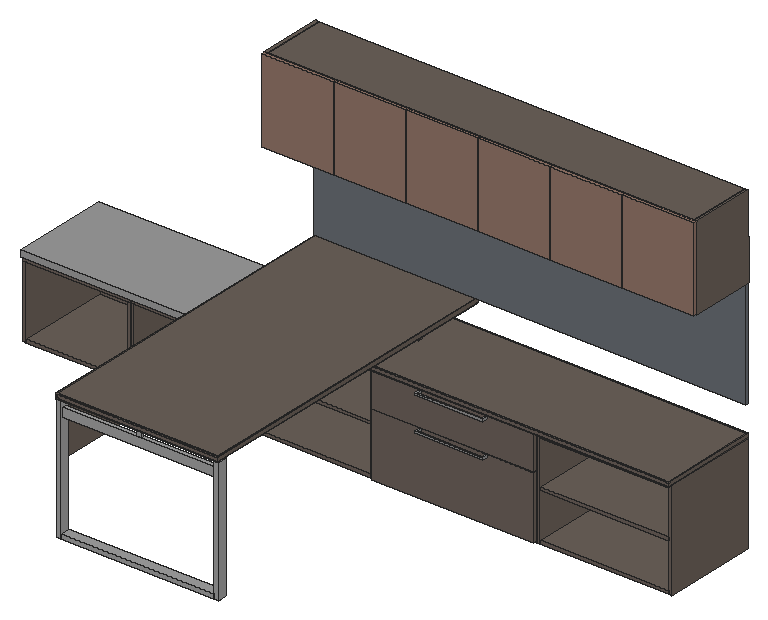
Revit family "T100315", category Furniture, Revit 2015 (continued)
Definition of nested family "STAKS SUPPORT O LEG"
  Dimensions and locks (in)
    aligned and locked: plane 11 to Extrusion 4
    aligned and locked: plane 16 to Extrusion 2
    aligned and locked: plane 16 to Extrusion 3
    aligned and locked: Revolve 5 sketch curve to plane 17
    aligned and locked: Revolve 5 sketch curve to plane 16
    aligned and locked: Extrusion 7 to plane 9
    aligned and locked: plane 12 to Extrusion 7
    aligned and locked: Extrusion 8 to plane 20
    aligned and locked: plane 19 to Extrusion 8
    aligned and locked: plane 11 to Extrusion 9
    aligned and locked: Extrusion 9 to plane 10
    aligned and locked: Extrusion 10 to plane 10
    aligned and locked: plane 11 to Extrusion 10
  Automatic sketch dimensions
    Extrusion 1 sketch curve to plane 5 = 0"  (x2)
    plane 10 to Extrusion 1 sketch curve = 0.1545"
    Extrusion 1 sketch curve to plane 11 = 0.1545"
    Masking region 1 sketch curve to plane 5 = 0"  (x2)
    plane 8 to Masking region 1 sketch curve = 0"
    Masking region 1 sketch curve to plane 6 = 0"
    plane 7 to Masking region 1 sketch curve = 0"
    Masking region 1 sketch curve to plane 3 "Center (Left/Right)" = 0"
    plane 10 to Masking region 1 sketch curve = 0.1545"
    Masking region 1 sketch curve to plane 11 = 0.1545"
    Masking region 2 sketch curve to plane 5 = 0"
    plane 8 to Masking region 2 sketch curve = 0"
    Masking region 2 sketch curve to plane 3 "Center (Left/Right)" = 0"
    plane 10 to Masking region 2 sketch curve = 0"
    Masking region 3 sketch curve to plane 5 = 0"
    plane 11 to Masking region 3 sketch curve = 0"
    Masking region 3 sketch curve to plane 3 "Center (Left/Right)" = 0"
    plane 7 to Masking region 3 sketch curve = 0"
    plane 3 "Center (Left/Right)" to Extrusion 4 sketch curve = 0.186"
    plane 14 "CENTER" to Extrusion 4 sketch curve = 0.186"
    Revolve 5 sketch curve to level = 0"  (x2)
    Revolve 5 sketch curve to plane 7 = 1/4"
    Revolve 5 sketch curve to plane 17 = 0"
    plane 16 to Revolve 5 sketch curve = 0"
    Revolve 6 sketch curve to level = 0"  (x2)
    plane 16 to Revolve 6 sketch curve = 0"  (x2)
    Revolve 6 sketch curve to plane 18 = 0"  (x2)
    Revolve 6 sketch curve to plane 8 = 1/4"
    Extrusion 7 sketch curve to plane 14 "CENTER" = 0.1565"
    Extrusion 7 sketch curve to plane 2 "Center (Front/Back)" = 0.59"
    Extrusion 7 sketch curve to plane 14 "CENTER" = 0.4715"
    plane 2 "Center (Front/Back)" to Extrusion 7 sketch curve = 0.59"
    Extrusion 8 sketch curve to plane 9 = 0"  (x2)
    Extrusion 8 sketch curve to plane 5 = 0"
    plane 5 to Extrusion 8 sketch curve = 0.28954"
    Extrusion 8 sketch curve to plane 12 = 0.64467"
    plane 14 "CENTER" to Extrusion 8 sketch curve = 3/8"
    plane 5 to Extrusion 8 sketch curve = 0.05201"
    Extrusion 8 sketch curve to Extrusion 8 sketch curve = 11/128"
    Extrusion 8 sketch curve to Extrusion 8 sketch curve = 0.08587"
    Extrusion 8 sketch curve to Extrusion 8 sketch curve = 0.64597"
    plane 9 to Extrusion 8 sketch curve = 0.08"
    Extrusion 8 sketch curve to Extrusion 8 sketch curve = 0.05201"
    Extrusion 8 sketch curve to plane 6 = 5/8"
    Extrusion 8 sketch curve to Extrusion 8 sketch curve = 0.00005"
    Extrusion 8 sketch curve to Extrusion 8 sketch curve = 0.00009"
    Extrusion 8 sketch curve to Extrusion 8 sketch curve = 0.03439"
    Extrusion 8 sketch curve to Extrusion 8 sketch curve = 0.08"
    Extrusion 9 sketch curve to plane 3 "Center (Left/Right)" = 0"
    Extrusion 9 sketch curve to plane 16 = 0"
    Extrusion 9 sketch curve to plane 5 = 0"
    Extrusion 9 sketch curve to Extrusion 9 sketch curve = 1"
    Extrusion 10 sketch curve to plane 13 = 0"
    Extrusion 10 sketch curve to plane 14 "CENTER" = 0"
    plane 3 "Center (Left/Right)" to Extrusion 10 sketch curve = 1/4"
    Extrusion 10 sketch curve to plane 16 = 1"
Definition of nested family "OFS ELEMENT OPEN L DESK LEFT AND RIGHT 84in Width 60in Return"
  Parameters (values of type "ELEMENT OPEN L DESK RIGHT RETURN 84in Width 60in Return")
    Worksurface Material = none
    Width = 84"
    URL = "http://www.ofsbrands.com/"
    Transaction Shelf Material = none
    Table Supp from Lateral = 2 5/8"
    Table Supp from Center = 11 1/8"
    Table Depth = 13 1/2"
    Right Return Desk Option = no
    Right Desk Ovelay [instance] = and(Right Return Desk Option, Desk Overlay Option)  # no
    Return Worksurface Width = 22"
    Paper Organizer Material = none
    Paper Organizer Depth = 12 3/4"
    Paper Organizer Clearance = 4 5/8"
    Paper Organizer Board Thickness = 3/4"
    Model = "EL-T84RL60C"
    Manufacturer = "OFS"
    Left Return Desk Option = yes
    Left Desk Overlay [instance] = and(Left Return Desk Option, Desk Overlay Option)  # yes
    Lateral Board Thickness = 1 3/16"
    Height = 45"
    Standoffs Material = none
    Groomet Material = none
    Desk Overlay Thickness = 1/8"
    Desk Overlay Option [instance] = yes
    Desk Overlay Material = none
    Desk Overlay = 6 1/2"
    Description = "OFS BRANDS OFS ELEMENT OPEN L DESK RIGHT RETURN 84\" Width, 84\"W x 34.3125\"D DESK, 60\"W x 22\"D RETURN With Paper Organizer"
    Desk Depth = 34 5/16"
    Depth = 94 5/16"
    Copyright © = "© 2018 OFS BRANDS"
    Catalog = "http://ofs.com/products/casegoods/reception/element"
    Bottom Board Offset = 0"
    Chassis Material = none
    Base Depth = 30"
    Back Board Thickness = 1 3/16"
    Authoring Version = "Autodesk Revit Architecture 2013"
    Assembly Code = "E2020200"
  Types (3): name | Model | Left Return Desk Option | Left Desk Overlay | Description
    (no name) | "EL-T84RL60C" | yes | yes | "OFS BRANDS OFS ELEMENT OPEN L DESK RIGHT RETURN 84\" Width, 84\"W x 34.3125\"D DESK, 60\"W x 22\"D RETURN With Paper Organizer"
    ELEMENT OPEN L DESK LEFT RETURN 84in Width 60in Return | "EL-T84LL60C" | no | no | "OFS BRANDS OFS ELEMENT OPEN L DESK LEFT RETURN 84\" Width, 84\"W x 34.3125\"D DESK, 60\"W x 22\"D RETURN With Paper Organizer"
    ELEMENT OPEN L DESK RIGHT RETURN 84in Width 60in Return | "EL-T84RL60C" | yes | yes | "OFS BRANDS OFS ELEMENT OPEN L DESK RIGHT RETURN 84\" Width, 84\"W x 34.3125\"D DESK, 60\"W x 22\"D RETURN With Paper Organizer"
  Reference planes (in)
    plane 1 "Center Front/Back": y = 0
    plane 2: z = 0
    plane 3 "Center Left/Right": x = 0
    plane 4 "Back External": y = 17.15625
    plane 5 "Right External": x = 42
    plane 6 "Front External": y = -17.15625
    plane 7 "Left External": x = -42
    plane 8 "Seat Height": z = 29.5
    plane 9 "Height": z = 45
    plane 10: x = 40.8125
    plane 11: x = -40.8125
    plane 12: y = 12.84375
    plane 13: y = 11.65625
    plane 14: y = 3.65625
    plane 15: z = 40.5
    plane 16: z = 28.5
    plane 17: z = 43.875
    plane 18: z = 39.375
    plane 19: z = 0
    plane 20: x = 39.375
    plane 21: x = 2.625
    plane 22: x = 35.5
    plane 23: z = 6.5
    plane 24: z = 34
    plane 25: y = 12.96875
    plane 26: y = -77.15625
    plane 27: x = -20
    plane 28: x = 20
    plane 29: y = -75.96875
    plane 30: x = -37
    plane 31: x = 37
    plane 32: y = -47.15625
    plane 33: x = 6.5
    plane 34: y = -18.34375
    plane 35: y = -75.21875
    plane 36: x = -40.0625
    plane 37: y = -19.09375
    plane 38: x = -28.0625
    plane 39: z = 34.125
    plane 40: z = 39.75
    plane 41: z = 34.875
    plane 42: y = -61.5625
    plane 43: y = -32.75
    plane 44: x = -28.8125
    plane 45: x = 20
    plane 46: x = 37
    plane 47: y = -19.09375
    plane 48: x = 28.0625
    plane 49: y = -61.5625
    plane 50: y = -32.75
    plane 51: x = 28.8125
    plane 52: x = -39.375
    plane 53: x = -2.625
    plane 54: x = -35.5
    plane 55: x = -6.5
  Forms (in)
    Extrusion 1, solid, material <- "Chassis Material", visible <- "Left Return Desk Option"
      sketch origin (0, 0, 0) x (1, 0, 0) y (0, 1, 0)
        loop
          line (42, 12.84375) -> (0, 12.84375) -> (0, 11.65625) -> (40.8125, 11.65625) -> (40.8125, -17.15625) -> (42, -17.15625) -> (42, 12.84375)
      from 0 to 40.5
    Extrusion 2, solid, material <- "Chassis Material", visible <- "Left Return Desk Option"
      sketch origin (0, 0, 6) x (1, 0, 0) y (0, 1, 0)
        loop
          line (0, 11.65625) -> (0, 3.65625) -> (40.8125, 3.65625) -> (40.8125, 11.65625) -> (0, 11.65625)
      from 33.375 to 34.5
    Extrusion 3, solid, material <- "Transaction Shelf Material", visible <- "Left Return Desk Option"
      sketch origin (0, 0, 6) x (1, 0, 0) y (0, 1, 0)
        loop
          line (0, 17.15625) -> (0, 3.65625) -> (42, 3.65625) -> (42, 17.15625) -> (0, 17.15625)
      from 37.875 to 39
    Extrusion 4, solid, material <- "Standoffs Material", visible <- "Left Return Desk Option"
      sketch origin (44.5, 0, 0) x (1, 0, 0) y (0, 1, 0)
        loop
          circle (-41.875, 10.04085) r 0.625
      from 40.5 to 43.875
    Extrusion 5, solid, material <- "Standoffs Material", visible <- "Left Return Desk Option"
      sketch origin (44.5, -4.75, 0) x (1, 0, 0) y (0, 1, 0)
        loop
          circle (-41.875, 10.04085) r 0.625
      from 40.5 to 43.875
    Extrusion 6, solid, material <- "Standoffs Material", visible <- "Left Return Desk Option"
      sketch origin (66.75, 0, 0) x (1, 0, 0) y (0, 1, 0)
        loop
          circle (-27.375, 10.04085) r 0.625
      from 40.5 to 43.875
    Extrusion 7, solid, material <- "Standoffs Material", visible <- "Left Return Desk Option"
      sketch origin (66.75, -4.75, 0) x (1, 0, 0) y (0, 1, 0)
        loop
          circle (-27.375, 10.04085) r 0.625
      from 40.5 to 43.875
    Extrusion 8, solid, material <- "Chassis Material", visible <- "Left Return Desk Option"
      sketch origin (0, 0, 0) x (1, 0, 0) y (0, 1, 0)
        loop
          line (-42, -17.15625) -> (-42, -77.15625) -> (-20, -77.15625) -> (-20, -75.96875) -> (-40.8125, -75.96875) -> (-40.8125, -18.34375) -> (-20, -18.34375) -> (-20, -17.15625) -> (-42, -17.15625)
      from 0 to 40.5
    Extrusion 9, solid, material <- "Worksurface Material", visible <- "Left Return Desk Option"
      sketch origin (14.83926, -32.43958, 0) x (1, 0, 0) y (0, 1, 0)
        loop
          line (-55.65176, 14.09583) -> (-55.65176, -43.52917) -> (-34.83926, -43.52917) -> (-34.83926, 14.09583) -> (-55.65176, 14.09583)
      from 28.5 to 29.5
    Extrusion 10, solid, material <- "Desk Overlay Material", visible <- "Left Desk Overlay"
      sketch origin (0, 0, 0) x (1, 0, 0) y (0, 0, 1)
        loop
          line (35.5, 34) -> (6.5, 34) -> (6.5, 6.5) -> (35.5, 6.5) -> (35.5, 34)
      from -12.96875 to -12.84375
    Extrusion 11, solid, material <- "Chassis Material", visible <- "Left Return Desk Option"
      sketch origin (-18.5848, -3.95032, 0) x (1, 0, 0) y (0, 1, 0)
        loop
          line (19.7723, 15.60657) -> (18.5848, 15.60657) -> (18.5848, 3.95032) -> (19.7723, 3.95032) -> (19.7723, 15.60657)
      from 0 to 28.5
    Extrusion 12, solid, material <- "Paper Organizer Material", visible <- "Left Return Desk Option"
      sketch origin (0, 0, 0) x (1, 0, 0) y (0, 1, 0)
        loop
          line (-28.0625, -19.09375) -> (-28.0625, -18.34375) -> (-40.8125, -18.34375) -> (-40.8125, -75.96875) -> (-28.0625, -75.96875) -> (-28.0625, -75.21875) -> (-40.0625, -75.21875) -> (-40.0625, -19.09375) -> (-28.0625, -19.09375)
      from 34.125 to 40.5
    Extrusion 13, solid, material <- "Paper Organizer Material", visible <- "Left Return Desk Option"
      sketch origin (0, 0, 0) x (1, 0, 0) y (0, 1, 0)
        loop
          line (-40.8125, -18.34375) -> (-40.8125, -75.96875) -> (-28.0625, -75.96875) -> (-28.0625, -18.34375) -> (-40.8125, -18.34375)
      from 39.75 to 40.5
    Extrusion 14, solid, material <- "Paper Organizer Material", visible <- "Left Return Desk Option"
      sketch origin (0, 0, 0) x (1, 0, 0) y (0, 1, 0)
        loop
          line (-40.8125, -18.34375) -> (-40.8125, -75.96875) -> (-28.0625, -75.96875) -> (-28.0625, -18.34375) -> (-40.8125, -18.34375)
      from 34.125 to 34.875
    Extrusion 15, solid, material <- "Paper Organizer Material", visible <- "Left Return Desk Option"
      sketch origin (0, 0, 0) x (1, 0, 0) y (0, 1, 0)
        loop
          line (-40.0625, -32.625) -> (-40.0625, -32.875) -> (-28.8125, -32.875) -> (-28.8125, -32.625) -> (-40.0625, -32.625)
      from 34.875 to 39.75
    Extrusion 16, solid, material <- "Paper Organizer Material", visible <- "Left Return Desk Option"
      sketch origin (0, -11.40625, 0) x (1, 0, 0) y (0, 1, 0)
        loop
          line (-40.0625, -35.625) -> (-40.0625, -35.875) -> (-28.8125, -35.875) -> (-28.8125, -35.625) -> (-40.0625, -35.625)
      from 34.875 to 39.75
    Extrusion 17, solid, material <- "Paper Organizer Material", visible <- "Left Return Desk Option"
      sketch origin (0, -22.8125, 0) x (1, 0, 0) y (0, 1, 0)
        loop
          line (-40.0625, -38.625) -> (-40.0625, -38.875) -> (-28.8125, -38.875) -> (-28.8125, -38.625) -> (-40.0625, -38.625)
      from 34.875 to 39.75
    Extrusion 18, solid, material <- "Chassis Material", visible <- "Right Return Desk Option"
      sketch origin (0, 0, 0) x (-1, 0, 0) y (0, -1, 0)
        loop
          line (-42, 17.15625) -> (-20, 17.15625) -> (-20, 18.34375) -> (-40.8125, 18.34375) -> (-40.8125, 75.96875) -> (-20, 75.96875) -> (-20, 77.15625) -> (-42, 77.15625) -> (-42, 17.15625)
      from 0 to 40.5
    Extrusion 19, solid, material <- "Worksurface Material", visible <- "Right Return Desk Option"
      sketch origin (-14.83926, -32.43958, 0) x (-1, 0, 0) y (0, -1, 0)
        loop
          line (-55.65176, -14.09583) -> (-34.83926, -14.09583) -> (-34.83926, 43.52917) -> (-55.65176, 43.52917) -> (-55.65176, -14.09583)
      from 28.5 to 29.5
    Extrusion 20, solid, material <- "Paper Organizer Material", visible <- "Right Return Desk Option"
      sketch origin (0, 0, 0) x (-1, 0, 0) y (0, -1, 0)
        loop
          line (-28.0625, 19.09375) -> (-40.0625, 19.09375) -> (-40.0625, 75.21875) -> (-28.0625, 75.21875) -> (-28.0625, 75.96875) -> (-40.8125, 75.96875) -> (-40.8125, 18.34375) -> (-28.0625, 18.34375) -> (-28.0625, 19.09375)
      from 34.125 to 40.5
    Extrusion 21, solid, material <- "Paper Organizer Material", visible <- "Right Return Desk Option"
      sketch origin (0, 0, 0) x (-1, 0, 0) y (0, -1, 0)
        loop
          line (-40.8125, 18.34375) -> (-28.0625, 18.34375) -> (-28.0625, 75.96875) -> (-40.8125, 75.96875) -> (-40.8125, 18.34375)
      from 39.75 to 40.5
    Extrusion 22, solid, material <- "Paper Organizer Material", visible <- "Right Return Desk Option"
      sketch origin (0, 0, 0) x (-1, 0, 0) y (0, -1, 0)
        loop
          line (-40.8125, 18.34375) -> (-28.0625, 18.34375) -> (-28.0625, 75.96875) -> (-40.8125, 75.96875) -> (-40.8125, 18.34375)
      from 34.125 to 34.875
    Extrusion 23, solid, material <- "Paper Organizer Material", visible <- "Right Return Desk Option"
      sketch origin (0, 0, 0) x (-1, 0, 0) y (0, -1, 0)
        loop
          line (-40.0625, 32.625) -> (-28.8125, 32.625) -> (-28.8125, 32.875) -> (-40.0625, 32.875) -> (-40.0625, 32.625)
      from 34.875 to 39.75
    Extrusion 24, solid, material <- "Paper Organizer Material", visible <- "Right Return Desk Option"
      sketch origin (0, -11.40625, 0) x (-1, 0, 0) y (0, -1, 0)
        loop
          line (-40.0625, 35.625) -> (-28.8125, 35.625) -> (-28.8125, 35.875) -> (-40.0625, 35.875) -> (-40.0625, 35.625)
      from 34.875 to 39.75
    Extrusion 25, solid, material <- "Paper Organizer Material", visible <- "Right Return Desk Option"
      sketch origin (0, -22.8125, 0) x (-1, 0, 0) y (0, -1, 0)
        loop
          line (-40.0625, 38.625) -> (-28.8125, 38.625) -> (-28.8125, 38.875) -> (-40.0625, 38.875) -> (-40.0625, 38.625)
      from 34.875 to 39.75
    Extrusion 26, solid, material <- "Worksurface Material", visible <- "Right Return Desk Option"
      sketch origin (0, 0, 0) x (-1, 0, 0) y (0, -1, 0)
        loop
          line (-36, -11.65625) -> (40.8125, -11.65625) -> (40.8125, 17.15625) -> (-42, 17.15625) -> (-42, -5.65625)
          arc (-42, -5.65625) -> (-40.24264, -9.89889) -> (-36, -11.65625) r 6
      from 28.5 to 29.5
    Extrusion 27, solid, material <- "Chassis Material", visible <- "Right Return Desk Option"
      sketch origin (0, 0, 0) x (-1, 0, 0) y (0, -1, 0)
        loop
          line (42, -12.84375) -> (42, 17.15625) -> (40.8125, 17.15625) -> (40.8125, -11.65625) -> (0, -11.65625) -> (0, -12.84375) -> (42, -12.84375)
      from 0 to 40.5
    Extrusion 28, solid, material <- "Transaction Shelf Material", visible <- "Right Return Desk Option"
      sketch origin (0, 0, 6) x (-1, 0, 0) y (0, -1, 0)
        loop
          line (0, -17.15625) -> (42, -17.15625) -> (42, -3.65625) -> (0, -3.65625) -> (0, -17.15625)
      from 37.875 to 39
    Extrusion 29, solid, material <- "Standoffs Material", visible <- "Right Return Desk Option"
      sketch origin (-44.5, 0, 0) x (-1, 0, 0) y (0, -1, 0)
        loop
          circle (-41.875, -10.04085) r 0.625
      from 40.5 to 43.875
    Extrusion 30, solid, material <- "Standoffs Material", visible <- "Right Return Desk Option"
      sketch origin (-44.5, -4.75, 0) x (-1, 0, 0) y (0, -1, 0)
        loop
          circle (-41.875, -10.04085) r 0.625
      from 40.5 to 43.875
    Extrusion 31, solid, material <- "Standoffs Material", visible <- "Right Return Desk Option"
      sketch origin (-66.75, 0, 0) x (-1, 0, 0) y (0, -1, 0)
        loop
          circle (-27.375, -10.04085) r 0.625
      from 40.5 to 43.875
    Extrusion 32, solid, material <- "Standoffs Material", visible <- "Right Return Desk Option"
      sketch origin (-66.75, -4.75, 0) x (-1, 0, 0) y (0, -1, 0)
        loop
          circle (-27.375, -10.04085) r 0.625
      from 40.5 to 43.875
    Extrusion 33, solid, material <- "Chassis Material", visible <- "Right Return Desk Option"
      sketch origin (18.5848, -3.95032, 0) x (-1, 0, 0) y (0, -1, 0)
        loop
          line (19.7723, -15.60657) -> (19.7723, -3.95032) -> (18.5848, -3.95032) -> (18.5848, -15.60657) -> (19.7723, -15.60657)
      from 0 to 28.5
    Extrusion 34, solid, material <- "Chassis Material", visible <- "Right Return Desk Option"
      sketch origin (0, 0, 6) x (-1, 0, 0) y (0, -1, 0)
        loop
          line (0, -11.65625) -> (40.8125, -11.65625) -> (40.8125, -3.65625) -> (0, -3.65625) -> (0, -11.65625)
      from 33.375 to 34.5
    Extrusion 35, solid, material <- "Desk Overlay Material", visible <- "Right Desk Ovelay"
      sketch origin (0, 0, 0) x (-1, 0, 0) y (0, 0, -1)
        loop
          line (35.5, -34) -> (35.5, -6.5) -> (6.5, -6.5) -> (6.5, -34) -> (35.5, -34)
      from -12.96875 to -12.84375
    Extrusion 36, solid, material <- "Worksurface Material", visible <- "Left Return Desk Option"
      sketch origin (0, 0, 0) x (1, 0, 0) y (0, 1, 0)
        loop
          arc (-36, 11.65625) -> (-40.24264, 9.89889) -> (-42, 5.65625) r 6
          line (-42, 5.65625) -> (-42, -17.15625) -> (40.8125, -17.15625) -> (40.8125, 11.65625) -> (-36, 11.65625)
      from 28.5 to 29.5
  Cuts and joins
    joined: Extrusion 12, Extrusion 13, Extrusion 14
    joined: Extrusion 20, Extrusion 21, Extrusion 22
  Dimensions and locks (in)
    equal spacing: plane 7 "Left External", plane 3 "Center Left/Right", plane 5 "Right External"
    "Width": plane 7 "Left External" to plane 5 "Right External"
    equal spacing: plane 6 "Front External", plane 1 "Center Front/Back", plane 4 "Back External"
    "Desk Depth": plane 4 "Back External" to plane 6 "Front External"
    plane 8 "Seat Height" to level = 29 1/2"
    "Height": plane 9 "Height" to level
    "Lateral Board Thickness": plane 7 "Left External" to plane 11
    "Lateral Board Thickness": plane 10 to plane 5 "Right External"
    "Base Depth": plane 12 to plane 6 "Front External"
    "Back Board Thickness": plane 12 to plane 13
    "Table Depth": plane 4 "Back External" to plane 14
    plane 15 to level = 40 1/2"
    "Bottom Board Offset": plane 19 to level
    "Table Supp from Lateral": plane 5 "Right External" to plane 20
    "Table Supp from Lateral": plane 21 to plane 3 "Center Left/Right"
    "Desk Overlay": plane 5 "Right External" to plane 22
    "Desk Overlay": plane 24 to plane 15
    "Desk Overlay": plane 19 to plane 23
    "Desk Overlay Thickness": plane 25 to plane 12
    "Depth": plane 4 "Back External" to plane 26
    "Return Worksurface Width": plane 7 "Left External" to plane 27
    "Return Worksurface Width": plane 28 to plane 5 "Right External"
    "Back Board Thickness": plane 29 to plane 26
    plane 7 "Left External" to plane 30 = 5"
    plane 31 to plane 5 "Right External" = 5"
    equal spacing: plane 34, plane 43, plane 32, plane 42, plane 29
    "Desk Overlay": plane 33 to plane 3 "Center Left/Right"
    "Back Board Thickness": plane 6 "Front External" to plane 34
    "Paper Organizer Board Thickness": plane 34 to plane 37
    "Paper Organizer Board Thickness": plane 11 to plane 36
    "Paper Organizer Board Thickness": plane 35 to plane 29
    "Paper Organizer Depth": plane 11 to plane 38
    "Paper Organizer Clearance": plane 39 to plane 8 "Seat Height"
    "Paper Organizer Board Thickness": plane 15 to plane 40
    "Paper Organizer Board Thickness": plane 41 to plane 39
    "Paper Organizer Board Thickness": plane 44 to plane 38
    "Return Worksurface Width": plane 5 "Right External" to plane 45
    plane 29 to plane 26 = 1 3/16"
    plane 5 "Right External" to plane 46 = 5"
    plane 34 to plane 50 to plane 32 to plane 49 to plane 29 = 14 13/32", 14 13/32", 14 13/32", 14 13/32"
    "Paper Organizer Board Thickness": plane 34 to plane 47
    plane 35 to plane 29 = 3/4"
    "Paper Organizer Depth": plane 10 to plane 48
    "Paper Organizer Board Thickness": plane 51 to plane 48
    "Table Supp from Lateral": plane 53 to plane 3 "Center Left/Right"
    "Table Supp from Lateral": plane 7 "Left External" to plane 52
    locked: plane 7 "Left External" to plane 54 at 6.5
    aligned and locked: level to plane 2
    aligned and locked: Extrusion 1 sketch curve to plane 12
    aligned and locked: plane 5 "Right External" to Extrusion 1 sketch curve
    aligned and locked: Extrusion 1 sketch curve to plane 13
    aligned and locked: Extrusion 1 to plane 19
    aligned and locked: Extrusion 2 to plane 18
    aligned and locked: plane 10 to Extrusion 2
    aligned and locked: Extrusion 2 to plane 13
    aligned and locked: Extrusion 2 to plane 14
    aligned and locked: Extrusion 3 to plane 14
    aligned and locked: Extrusion 3 to plane 4 "Back External"
    aligned and locked: Extrusion 3 to plane 9 "Height"
    aligned and locked: Extrusion 3 to plane 17
    aligned and locked: plane 5 "Right External" to Extrusion 3
    aligned and locked: Extrusion 8 sketch curve to plane 29
    aligned and locked: plane 27 to Extrusion 8 sketch curve
    aligned and locked: plane 26 to Extrusion 8 sketch curve
    aligned and locked: Extrusion 8 sketch curve to plane 6 "Front External"
    aligned and locked: plane 11 to Extrusion 9
    aligned and locked: Extrusion 9 to plane 27
    aligned and locked: Extrusion 9 to plane 29
    aligned and locked: Extrusion 8 to plane 19
    aligned and locked: plane 15 to Extrusion 8
    aligned and locked: Extrusion 3 to plane 3 "Center Left/Right"
    aligned and locked: Extrusion 2 to plane 3 "Center Left/Right"
    aligned and locked: Extrusion 10 to plane 33
    aligned and locked: Extrusion 10 to plane 22
    aligned and locked: Extrusion 8 sketch curve to plane 34
    aligned and locked: Extrusion 9 to Extrusion 8 sketch curve
    aligned and locked: Extrusion 9 to Extrusion 8
    aligned and locked: plane 37 to Extrusion 12 sketch curve
    aligned and locked: plane 36 to Extrusion 12 sketch curve
    aligned and locked: Extrusion 12 sketch curve to plane 35
    aligned and locked: Extrusion 12 sketch curve to Extrusion 8  (x3)
    aligned and locked: plane 38 to Extrusion 12 sketch curve  (x2)
    aligned and locked: plane 15 to Extrusion 12
    aligned and locked: Extrusion 12 to plane 39
    aligned and locked: Extrusion 13 sketch curve to Extrusion 8  (x2)
    aligned and locked: Extrusion 13 sketch curve to Extrusion 12  (x2)
    aligned and locked: Extrusion 13 to plane 40
    aligned and locked: plane 15 to Extrusion 13
    aligned and locked: Extrusion 14 sketch curve to Extrusion 8  (x2)
    aligned and locked: plane 29 to Extrusion 14 sketch curve
    aligned and locked: Extrusion 14 sketch curve to plane 38
    aligned and locked: Extrusion 14 to plane 39
    aligned and locked: plane 41 to Extrusion 14
    aligned and locked: Extrusion 15 to plane 41
    aligned and locked: Extrusion 16 to plane 41
    aligned and locked: Extrusion 17 to plane 41
    aligned and locked: plane 40 to Extrusion 15
    aligned and locked: plane 40 to Extrusion 16
    aligned and locked: plane 40 to Extrusion 17
    aligned and locked: plane 29 to Extrusion 18 sketch curve
    aligned and locked: plane 45 to Extrusion 18 sketch curve
    aligned and locked: Extrusion 18 sketch curve to plane 26
    aligned and locked: plane 45 to Extrusion 19
    aligned and locked: plane 29 to Extrusion 19
    aligned and locked: Extrusion 18 sketch curve to plane 34
    aligned and locked: Extrusion 19 to Extrusion 18 sketch curve
    aligned and locked: Extrusion 18 to Extrusion 19
    aligned and locked: Extrusion 20 sketch curve to plane 47
    aligned and locked: plane 35 to Extrusion 20 sketch curve
    aligned and locked: Extrusion 18 to Extrusion 20 sketch curve
    aligned and locked: Extrusion 20 sketch curve to Extrusion 18  (x2)
    aligned and locked: Extrusion 20 sketch curve to plane 48
    aligned and locked: plane 48 to Extrusion 20 sketch curve
    aligned and locked: Extrusion 21 sketch curve to Extrusion 18  (x2)
    aligned and locked: Extrusion 21 sketch curve to Extrusion 20  (x2)
    aligned and locked: Extrusion 22 sketch curve to Extrusion 18  (x2)
    aligned and locked: Extrusion 22 sketch curve to plane 29
    aligned and locked: plane 48 to Extrusion 22 sketch curve
    aligned and locked: Extrusion 26 to Extrusion 27 sketch curve
    aligned and locked: Extrusion 27 sketch curve to Extrusion 26
    aligned and locked: Extrusion 26 to Extrusion 33
    aligned and locked: plane 55 to Extrusion 35
    aligned and locked: plane 54 to Extrusion 35
  Automatic sketch dimensions
    Extrusion 1 sketch curve to plane 3 "Center Left/Right" = 0"
    plane 6 "Front External" to Extrusion 1 sketch curve = 0"
    Extrusion 1 sketch curve to plane 10 = 0"
    Extrusion 2 sketch curve to plane 3 "Center Left/Right" = 0"
    Extrusion 2 sketch curve to plane 10 = 0"
    Extrusion 2 sketch curve to plane 14 = 0"
    Extrusion 2 sketch curve to plane 13 = 0"
    Extrusion 3 sketch curve to plane 3 "Center Left/Right" = 0"
    Extrusion 3 sketch curve to plane 5 "Right External" = 0"
    Extrusion 3 sketch curve to plane 14 = 0"
    Extrusion 3 sketch curve to plane 4 "Back External" = 0"
    Extrusion 4 sketch curve to plane 21 = 0"
    Extrusion 4 sketch curve to plane 13 = 1.6154"
    Extrusion 5 sketch curve to plane 21 = 0"
    plane 14 to Extrusion 5 sketch curve = 1.6346"
    Extrusion 6 sketch curve to plane 20 = 0"
    Extrusion 6 sketch curve to plane 13 = 1.6154"
    Extrusion 7 sketch curve to plane 20 = 0"
    plane 14 to Extrusion 7 sketch curve = 1.6346"
    Extrusion 8 sketch curve to plane 7 "Left External" = 0"
    Extrusion 8 sketch curve to plane 11 = 0"
    Extrusion 9 sketch curve to plane 11 = 0"
    Extrusion 9 sketch curve to plane 27 = 0"
    Extrusion 9 sketch curve to plane 29 = 0"
    Extrusion 9 sketch curve to plane 34 = 0"
    Extrusion 10 sketch curve to plane 24 = 0"
    Extrusion 10 sketch curve to plane 33 = 0"
    plane 22 to Extrusion 10 sketch curve = 0"
    Extrusion 10 sketch curve to plane 23 = 0"
    Extrusion 11 sketch curve to plane 3 "Center Left/Right" = 0"
    plane 1 "Center Front/Back" to Extrusion 11 sketch curve = 0"
    Extrusion 11 sketch curve to plane 13 = 0"
    Extrusion 11 sketch curve to Extrusion 11 sketch curve = 1 3/16"
    Extrusion 12 sketch curve to plane 37 = 0"
    Extrusion 15 sketch curve to plane 36 = 0"
    Extrusion 15 sketch curve to plane 44 = 0"
    Extrusion 15 sketch curve to plane 43 = 1/8"
    plane 43 to Extrusion 15 sketch curve = 1/8"
    Extrusion 16 sketch curve to plane 36 = 0"
    Extrusion 16 sketch curve to plane 44 = 0"
    Extrusion 16 sketch curve to plane 32 = 1/8"
    plane 32 to Extrusion 16 sketch curve = 1/8"
    Extrusion 17 sketch curve to plane 36 = 0"
    Extrusion 17 sketch curve to plane 44 = 0"
    Extrusion 17 sketch curve to plane 42 = 1/8"
    plane 42 to Extrusion 17 sketch curve = 1/8"
    Extrusion 18 sketch curve to plane 5 "Right External" = 0"
    Extrusion 18 sketch curve to plane 10 = 0"
    Extrusion 18 sketch curve to plane 6 "Front External" = 0"
    Extrusion 19 sketch curve to plane 10 = 0"
    Extrusion 19 sketch curve to plane 28 = 0"
    Extrusion 19 sketch curve to plane 29 = 0"
    plane 34 to Extrusion 19 sketch curve = 0"
    plane 37 to Extrusion 20 sketch curve = 0"
    plane 20 to Extrusion 20 sketch curve = 11/16"
    Extrusion 23 sketch curve to plane 51 = 0"
    plane 43 to Extrusion 23 sketch curve = 1/8"
    Extrusion 23 sketch curve to plane 43 = 1/8"
    plane 20 to Extrusion 23 sketch curve = 11/16"
    Extrusion 24 sketch curve to plane 51 = 0"
    plane 32 to Extrusion 24 sketch curve = 1/8"
    Extrusion 24 sketch curve to plane 32 = 1/8"
    plane 20 to Extrusion 24 sketch curve = 11/16"
    Extrusion 25 sketch curve to plane 51 = 0"
    plane 42 to Extrusion 25 sketch curve = 1/8"
    Extrusion 25 sketch curve to plane 42 = 1/8"
    plane 20 to Extrusion 25 sketch curve = 11/16"
    Extrusion 26 sketch curve to plane 5 "Right External" = 0"
    Extrusion 26 sketch curve to plane 13 = 0"
    Extrusion 26 sketch curve to plane 11 = 0"
    Extrusion 26 sketch curve to plane 6 "Front External" = 0"
    plane 22 to Extrusion 26 sketch curve = 1/2"
    Extrusion 27 sketch curve to plane 3 "Center Left/Right" = 0"
    Extrusion 27 sketch curve to plane 7 "Left External" = 0"
    Extrusion 27 sketch curve to plane 13 = 0"
    Extrusion 27 sketch curve to plane 12 = 0"
    Extrusion 28 sketch curve to plane 3 "Center Left/Right" = 0"
    Extrusion 28 sketch curve to plane 7 "Left External" = 0"
    Extrusion 28 sketch curve to plane 4 "Back External" = 0"
    Extrusion 28 sketch curve to plane 14 = 0"
    Extrusion 29 sketch curve to plane 53 = 0"
    plane 13 to Extrusion 29 sketch curve = 1.6154"
    Extrusion 30 sketch curve to plane 53 = 0"
    Extrusion 30 sketch curve to plane 14 = 1.6346"
    Extrusion 31 sketch curve to plane 52 = 0"
    plane 13 to Extrusion 31 sketch curve = 1.6154"
    Extrusion 32 sketch curve to plane 52 = 0"
    Extrusion 32 sketch curve to plane 14 = 1.6346"
    Extrusion 33 sketch curve to plane 3 "Center Left/Right" = 0"
    plane 1 "Center Front/Back" to Extrusion 33 sketch curve = 0"
    Extrusion 33 sketch curve to plane 13 = 0"
    Extrusion 33 sketch curve to Extrusion 33 sketch curve = 1 3/16"
    Extrusion 34 sketch curve to plane 3 "Center Left/Right" = 0"
    Extrusion 34 sketch curve to plane 11 = 0"
    Extrusion 34 sketch curve to plane 13 = 0"
    Extrusion 34 sketch curve to plane 14 = 0"
    Extrusion 35 sketch curve to plane 24 = 0"
    plane 55 to Extrusion 35 sketch curve = 0"
    Extrusion 35 sketch curve to plane 23 = 0"
    plane 54 to Extrusion 35 sketch curve = 0"
    Extrusion 36 sketch curve to plane 7 "Left External" = 0"
    Extrusion 36 sketch curve to plane 13 = 0"
    Extrusion 36 sketch curve to plane 10 = 0"
    plane 6 "Front External" to Extrusion 36 sketch curve = 0"
    Extrusion 36 sketch curve to plane 54 = 1/2"
    radius of Extrusion 4 sketch curve = 5/8"
    radius of Extrusion 5 sketch curve = 5/8"
    radius of Extrusion 6 sketch curve = 5/8"
    radius of Extrusion 7 sketch curve = 5/8"
    radius of Extrusion 29 sketch curve = 5/8"
    radius of Extrusion 30 sketch curve = 5/8"
    radius of Extrusion 31 sketch curve = 5/8"
    radius of Extrusion 32 sketch curve = 5/8"
Types (4): name | Description
  (no name) | "OFS TYPICAL T100315"
  T100 | "OFS TYPICAL T100"
  T100312 | "OFS TYPICAL T100312"
  T100315 | "OFS TYPICAL T100315"
